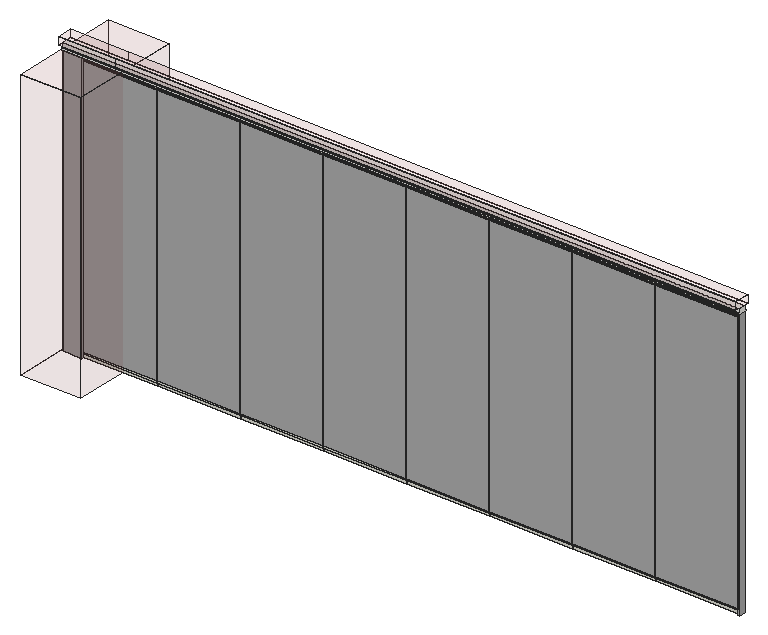
Revit family "Operable-Walls_Modernfold_Legacy-Premier_Paired-Panels_Expandable-Panel", category Specialty Equipment, Revit 2026
Family settings
  Round Connector Dimension = Use Diameter
  Part Type = Normal
  Classification Number = 23.25.40.17.14
  Work Plane-Based = No
  Enable Cutting in Views = No
  Always vertical = Yes
  Cut with Voids When Loaded = No
  Maintain Annotation Orientation = No
  Shared = No
  Room Calculation Point = No
Parameters (values of type "No Pocket Door")
  zWallJambVis [instance] = if([1.25 Inch Wall Jamb], 1 = 1, if(and(Bulb Seal, NotStack), 1 = 1, 1 = 0))  # yes
  zTypIII = not(zNoPckt)  # no
  zNoPckt = yes
  zHghtLmt [instance] = if(Ceiling Height > Ceiling Height Max, Ceiling Height Max, if(Ceiling Height < Ceiling Height Min, Ceiling Height Min, Ceiling Height))  # 12' - 0"
  URL = "https://www.modernfold.com/en-US"
  Trim Material = Trim Color - Modernfold-Sherwin Williams® - Natural Choice
  Track Trim Width [instance] = if(zHghtLmt > 15' 4 3/4", 0' 10 1/4", 0' 4 1/4")  # 0' - 4 1/4"
  Track Trim = 0' - 0 3/4"  # constant formula
  Track Material = Track Color - Modernfold - White
  Track Height [instance] = if(zHghtLmt > 15' 4 3/4", 0' 5 1/2", 0' 2")  # 0' - 2"
  Track Clearance Vis [instance] = yes
  Track Clearance Height [instance] = if(zHghtLmt > 15' 4 3/4", 0' 6 3/4", 0' 4 1/4")  # 0' - 4 1/4"
  StacksWPanel [instance] = and(Stack, Bulb Seal)  # no
  Stack Depth [instance] = (0' 3 3/4" * Number of Panels) + 0' 2"  # 2' - 8"
  Stack Clearance Vis [instance] = yes
  Stack [instance] = no
  Pocket Door Secondary Leaf Min [instance] = 1' - 6"  # constant formula
  Pocket Door Secondary Leaf Max [instance] = 4' - 0"  # constant formula
  Pocket Door Secondary Leaf [instance] = Pocket Door Primary Leaf  # 0' - 0"
  Pocket Door Primary Leaf [instance] = if(zNoPckt, 0' 0", (Clearance Width - 0' 9" - 0' 6" - 0' 1") / 2)  # 0' - 0"
  Pocket Door Clearance Vis [instance] = yes
  Plan View Warning [instance] = if(zNoPckt, or(Panel Width > Panel Width Max, Panel Width < Panel Width Min, Installation Width > Installation Width Max, Ceiling Height > Ceiling Height Max, Ceiling Height < Ceiling Height Min), or(Panel Width > Panel Width Max, Panel Width < Panel Width Min, Installation Width > Installation Width Max, Ceiling Height > Ceiling Height Max, Ceiling Height < Ceiling Height Min, Pocket Door Secondary Leaf > Pocket Door Secondary Leaf Max, Pocket Door Secondary Leaf < Pocket Door Secondary Leaf Min))  # no
  Panel Width [instance] = (Installation Width - Lead Condition Width - 0' 1 1/4" - 0' 4 3/4") / (Number of Panels)  # 3' - 8 3/32"
  Panel Thickness = 0' - 3"  # constant formula
  Panel Material = Wall Finish - Modernfold - Grey
  Additional Panels [instance] = 0
  Number of Panels [instance] = if(Additional Panels = 0, Min Panel Count Allowed, if((Min Panel Count Allowed + Additional Panels) > Max Panel Count Allowed, Min Panel Count Allowed, Min Panel Count Allowed + Additional Panels))  # 8
  NotStack [instance] = not(Stack)  # yes
  Model = "Acousti-Seal® Legacy® & Premier®"
  Min Panel Count Allowed [instance] = roundup((Installation Width - Lead Condition Width - 0' 6") / (Panel Width Max))  # 8
  Max Panel Count Allowed [instance] = rounddown((Installation Width - Lead Condition Width - 0' 6") / (Panel Width Min))  # 12
  Manufacturer = "Modernfold"  # constant formula
  Manual Seal [instance] = not(Auto. Seal)  # no
  Lead Condition Width [instance] = if(Bulb Seal, 0' 1 1/2", 0' 1 1/4")  # 0' - 1 1/4"
  Installation Width [instance] = 30' - 0"
  Panel Width Min [instance] = 2' - 4"  # constant formula
  Panel Width Max [instance] = 4' - 0"  # constant formula
  Description = "Legacy/Premier - Expandable Panel - Paired Panels - No Pocket Door"
  **Panel Count Available** [instance] = if((Min Panel Count Allowed + Additional Panels) > Max Panel Count Allowed, "Number of Panels does NOT fall within constraints listed. Panel count will default to minimum count allowed.", "Panel Count Available.")  # "Panel Count Available."
  Seal Width = 0' - 1 1/2"  # constant formula
  Panel Array Count [instance] = Number of Panels - 2  # 6
  Hinge Location [instance] = Panel Width + 0' 6"  # 4' - 2 3/32"
  Fabrication Height [instance] = zHghtLmt - Track Trim  # 11' - 11 1/4"
  Clearance Width [instance] = if(zNoPckt, ClearWidthInt * 0' 1", ClearWidthInt * 0' 1" + 0' 6")  # 4' - 11"
  Clearance Depth [instance] = if(zNoPckt, Stack Depth, Stack Depth + 0' 6")  # 2' - 8"
  ClearWidthInt [instance] = if(Auto. Seal, roundup((Panel Width + 1' 2") / 0' 1"), roundup((Panel Width + 0' 8") / 0' 1"))  # 59
  Ceiling Height [instance] = 12' - 0"
  Carrier Centers [instance] = 0' - 0"  # constant formula
  CSpacingInt [instance] = rounddown((Panel Width - 0' 8") / 0' 1")  # 36
  Bulb Seal [instance] = not([1.25 Inch Wall Jamb])  # no
  Carrier Spacing Max [instance] = 3' - 0"  # constant formula
  Installation Width Max [instance] = 80' - 2"  # constant formula
  Does not Stack with Panels [instance] = and(Stack, [1.25 Inch Wall Jamb])  # no
  Default Elevation = 0' - 0"
  Ceiling Height Min [instance] = 4' - 2"  # constant formula
  Ceiling Height Max [instance] = 18' - 4"  # constant formula
  Start Panel Width [instance] = Panel Width  # 3' - 8 3/32"
  Bottom Seal Height = 0' - 2"  # constant formula
  Auto. Seal [instance] = yes
  1.25 Inch Wall Jamb [instance] = yes
Types (2): name | zTypIII | zNoPckt | Pocket Door Secondary Leaf | Pocket Door Primary Leaf | Description | Clearance Width | Clearance Depth
  No Pocket Door | no | yes | 0' - 0" | 0' - 0" | "Legacy/Premier - Expandable Panel - Paired Panels - No Pocket Door" | 4' - 11" | 2' - 8"
  Pocket Door Type III | yes | no | 2' - 0 1/2" | 2' - 0 1/2" | "Legacy/Premier - Expandable Panel - Paired Panels - Pocket Door Type III" | 5' - 5" | 3' - 2"
Reference planes (in)
  plane 1 "Center (Front/Back)": y = 0
  plane 2: z = 0
  plane 3 "Left": x = -57.06482
  plane 4 "F": y = -29.5
  plane 5 "G": y = 29.5
  plane 6: x = -45.06482
  plane 7 "J&K": x = -25.06482
  plane 8: x = -6.97107
  plane 9: x = 37.12268
  plane 10: x = 302.93518
  plane 11: x = 301.68518
  plane 12: x = 37.12268
  plane 13: z = 144
  plane 14: z = 143.25
  plane 15: y = 0.75
  plane 16: y = -0.75
  plane 17: z = 2
  plane 18: z = 2.625
  plane 19: y = 1.5
  plane 20: y = -1.5
  plane 21: y = 2.125
  plane 22: y = -2.125
  plane 23: y = 1.5
  plane 24: y = -1.5
  plane 25: z = 146
  plane 26: z = 150.25
  plane 27: z = 142
  plane 28: z = 141.5
  plane 29: y = 4
  plane 30: y = -4
  plane 31: y = 1.80291
  plane 32: x = -55.81482
  plane 33: x = -25.06482
Forms (in)
  Sweep 1, solid, material "Track Color - Modernfold - White" <- "Track Material"
    path origin (0, 0, 0) x (1, 0, 0) y (0, 1, 0)
      loop
        line (302.93518, 0) -> (-57.06482, 0)
    profile origin (122.93518, 0, 0) x (0, -1, 0) y (0, 0, 1)
      loop
        line (-1.5, 144) -> (-2.125, 144) -> (-2.125, 143.25) -> (2.125, 143.25) -> (2.125, 144) -> (1.5, 144) -> (1.5, 146) -> (-1.5, 146) -> (-1.5, 144)
  Extrusion 2, solid, material "Clearance", visible <- "Stack Clearance Vis"
    sketch origin (0, 0, 0) x (1, 0, 0) y (0, 1, 0)
      loop
        line (-25.06482, 29.5) -> (-57.06482, 29.5) -> (-57.06482, -29.5) -> (-25.06482, -29.5) -> (-25.06482, 29.5)
    from 0 to 143.25
  Extrusion 3, solid, material "Clearance", visible <- "Track Clearance Vis"
    sketch origin (0, 0, 0) x (1, 0, 0) y (0, 1, 0)
      loop
        line (-26.02945, 4) -> (-57.06482, 4) -> (-57.06482, -4) -> (-26.49964, -4) -> (302.93518, -4) -> (302.93518, 4) -> (-26.02945, 4)
    from 146 to 150.25
Lines and regions (in)
  symbolic lines, style "Clearance", visible <- "Stack Clearance Vis"
    curve 1: line (-57.06482, -29.5, 0) -> (-25.06482, -29.5, 0)
    curve 2: line (-57.06482, 29.5, 0) -> (-57.06482, -29.5, 0)
    curve 3: line (-25.06482, -29.5, 0) -> (-25.06482, 29.5, 0)
    curve 4: line (-25.06482, 29.5, 0) -> (-57.06482, 29.5, 0)
  symbolic lines, style "Track Centerline"
    curve 5: line (302.93518, 0, 0) -> (-57.06482, 0, 0)
  symbolic lines, style "Clearance", visible <- "Track Clearance Vis"
    curve 6: line (-57.06482, -4, 0) -> (302.93518, -4, 0)
    curve 7: line (302.93518, -4, 0) -> (302.93518, 4, 0)
    curve 8: line (302.93518, 4, 0) -> (-57.06482, 4, 0)
    curve 18: line (-57.06482, 4, 0) -> (-57.06482, -4, 0)
  symbolic lines, style "Track outline"
    curve 9: line (-57.06482, 0, 146) -> (302.93518, 0, 146)
    curve 10: line (-57.06482, 0, 146) -> (-57.06482, 0, 143.25)
    curve 11: line (-25.06482, 0, 143.25) -> (-57.06482, 0, 143.25)
    curve 12: line (302.93518, 0, 146) -> (302.93518, 0, 143.25)
    curve 17: line (302.93518, 0, 144) -> (-57.06482, 0, 144)
  symbolic lines, style "Clearance"
    curve 13: line (-57.06482, 20.75, 144) -> (-57.06482, 20.75, 146)
    curve 14: line (-57.06482, -1.5, 146) -> (-57.06482, -1.5, 144)
    curve 15: line (-57.06482, -2.125, 143.25) -> (-57.06482, 21.625, 143.25)
    curve 16: line (-57.06482, 20.75, 146) -> (-57.06482, -1.5, 146)
Dimensions and locks (in)
  locked: plane 3 "Left" to plane 6 at 12
  "Clearance Depth": plane 3 "Left" to plane 7 "J&K"
  "Installation Width": plane 3 "Left" to plane 10
  "Hinge Location": plane 3 "Left" to plane 8
  "Panel Width": plane 8 to plane 9
  "Lead Condition Width": plane 11 to plane 10
  "zHghtLmt": plane 13 to level
  "Track Trim": plane 13 to plane 14
  plane 14 to level = 11' - 11 1/4"
  "Bottom Seal Height": plane 17 to level
  equal spacing: plane 15, plane 1 "Center (Front/Back)", plane 16
  "Seal Width": plane 15 to plane 16
  locked: plane 18 to plane 17 at 0.625
  equal spacing: plane 19, plane 1 "Center (Front/Back)", plane 20
  "Panel Thickness": plane 19 to plane 20
  equal spacing: plane 21, plane 1 "Center (Front/Back)", plane 22
  "Track Trim Width": plane 21 to plane 22
  equal spacing: plane 23, plane 1 "Center (Front/Back)", plane 24
  locked: plane 23 to plane 24 at 3
  plane 14 to plane 27 to plane 28 = 0' - 1 1/4" locked, 0' - 0 1/2" locked
  equal spacing: plane 29, plane 1 "Center (Front/Back)", plane 30
  locked: plane 29 to plane 30 at 8
  equal spacing: group 1, group 5, group 7, group 8, group 9, group 2  (x3)
  equal spacing: group 3, group 6, group 10, group 11, group 12, group 4  (x3)
  nested 8 to nested 9 to plane 1 "Center (Front/Back)" = 0' - 0", 1' - 10 3/64"
  locked: plane 3 "Left" to nested 8 at 4.75
  locked: plane 1 "Center (Front/Back)" to plane 31 at 1.80291
  locked: plane 3 "Left" to plane 32 at 1.25
  "Stack Depth": plane 3 "Left" to plane 33
  locked: nested 11 to plane 33 at 1.5
  Extrusion 3 sketch curve to Extrusion 3 sketch curve = 0' - 8"
  Extrusion 3 sketch curve to plane 1 "Center (Front/Back)" to Extrusion 3 sketch curve = 0' - 4", 0' - 4"
  equal spacing: plane 5 "G", plane 1 "Center (Front/Back)", plane 4 "F"
  "Clearance Width": plane 5 "G" to plane 4 "F"
  "Track Clearance Height": plane 26 to plane 25
  "Track Height": plane 25 to plane 13
  aligned and locked: plane 2 to level
  aligned and locked: Sweep 1 sketch curve to plane 1 "Center (Front/Back)"
  aligned and locked: Sweep 1 sketch curve to plane 23
  aligned and locked: plane 24 to Sweep 1 sketch curve
  aligned and locked: Sweep 1 sketch curve to plane 25
  aligned and locked: Sweep 1 sketch curve to plane 13  (x2)
  aligned and locked: Sweep 1 sketch curve to plane 14
  aligned and locked: Sweep 1 sketch curve to plane 21
  aligned and locked: Sweep 1 sketch curve to plane 22
  aligned and locked: plane 12 to nested 1
  aligned and locked: plane 1 "Center (Front/Back)" to nested 1
  aligned and locked: plane 11 to nested 2
  aligned and locked: plane 1 "Center (Front/Back)" to nested 2
  aligned and locked: plane 6 to nested 3
  aligned and locked: plane 1 "Center (Front/Back)" to nested 4
  aligned and locked: plane 11 to nested 4
  aligned and locked: plane 1 "Center (Front/Back)" to nested 5
  aligned and locked: plane 8 to nested 5
  aligned and locked: plane 8 to nested 6
  aligned and locked: plane 1 "Center (Front/Back)" to nested 6
  aligned and locked: plane 3 "Left" to nested 7
  aligned and locked: plane 1 "Center (Front/Back)" to nested 7
  aligned and locked: nested 3 to plane 1 "Center (Front/Back)"
  aligned and locked: nested 10 to plane 1 "Center (Front/Back)"
  aligned and locked: Extrusion 2 sketch curve to plane 3 "Left"
  aligned and locked: Extrusion 2 to level
  aligned and locked: plane 14 to Extrusion 2
  aligned and locked: curve 2 to Extrusion 2
  aligned and locked: Extrusion 2 sketch curve to plane 7 "J&K"
  aligned and locked: plane 3 "Left" to curve 5
  aligned and locked: plane 10 to curve 5
  aligned and locked: Extrusion 3 sketch curve to plane 10
  aligned and locked: Extrusion 2 to Extrusion 3 sketch curve
  aligned and locked: nested 9 to nested 8
  aligned and locked: nested 10 to nested 11
  aligned and locked: curve 11 to Extrusion 2
  aligned and locked: nested 10 to plane 33
  aligned and locked: nested 13 to plane 4 "F"
  aligned and locked: nested 13 to plane 7 "J&K"
  aligned and locked: plane 12 to plane 9
  aligned and locked: plane 1 "Center (Front/Back)" to nested 14
  aligned and locked: plane 32 to nested 14
  aligned and locked: plane 3 "Left" to Sweep 1 sketch curve
  aligned and locked: Extrusion 2 to plane 5 "G"
  aligned and locked: Extrusion 2 to plane 4 "F"
  aligned and locked: Extrusion 3 to plane 29
  aligned and locked: Extrusion 3 to plane 30
  aligned and locked: curve 6 to Extrusion 3
  aligned and locked: curve 8 to Extrusion 3
  aligned and locked: plane 26 to Extrusion 3
  aligned and locked: Extrusion 3 to plane 25
  aligned and locked: nested 8 to plane 1 "Center (Front/Back)"
  aligned and locked: curve 17 to Sweep 1
  aligned and locked: plane 10 to Sweep 1 sketch curve
  aligned and locked: curve 18 to plane 3 "Left"
Automatic sketch dimensions
  curve 13 to plane 13 = 0' - 0"
  curve 14 to plane 13 = 0' - 0"
  curve 15 to plane 22 = 0' - 0"
  curve 13 to curve 15 = 0' - 0 7/8"
  curve 14 to plane 24 = 0' - 0"
  plane 25 to curve 13 = 0' - 0"
  curve 15 to plane 14 = 0' - 0"
  curve 13 to plane 5 "G" = 0' - 8 3/4"
  Extrusion 3 sketch curve to plane 7 "J&K" = 0' - 1.43482"
  Extrusion 3 sketch curve to plane 7 "J&K" = 0' - 0.96463"
  Extrusion 2 sketch curve to plane 5 "G" = 0' - 0"
  plane 4 "F" to Extrusion 2 sketch curve = 0' - 0"
  curve 17 to plane 3 "Left" = 0' - 0"
  curve 11 to plane 7 "J&K" = 0' - 0"
  curve 12 to plane 10 = 0' - 0"
  curve 11 to plane 14 = 0' - 0"
  curve 12 to plane 14 = 0' - 0"
  curve 10 to plane 25 = 0' - 0"
  curve 4 to plane 5 "G" = 0' - 0"
  curve 4 to plane 7 "J&K" = 0' - 0"
  curve 1 to plane 4 "F" = 0' - 0"
  plane 30 to curve 7 = 0' - 0"
  plane 1 "Center (Front/Back)" to curve 5 = 0' - 0"
  plane 29 to curve 7 = 0' - 0"
Nested families (in)
  nested 1: "Panel" at (59.16955, 0, 0), visible <- "NotStack", type "Extended"
    with LEAD yes, Dash Width 0' - 6.97396", CarrierVis yes, Width 3' - 8 3/32"
  nested 2: "Panel" at (279.6383, 0, 0), visible <- "NotStack", type "Extended"
    with LEAD yes, Dash Width 0' - 6.97396", CarrierVis yes, Width 3' - 8 3/32"
  nested 3: "Panel" at (-45.06482, 0, 0) x (0, -1, 0) z (0, 0, 1), visible <- "Stack", type "Stack"
    with LEAD yes, Dash Width 0' - 6.97396", CarrierVis yes, Width 3' - 8 3/32"
  nested 4: "Jamb" at (301.68518, 0, 0), visible <- "zWallJambVis", Jamb <- "1.25 Inch Wall Jamb", Bulb Seal <- "Bulb Seal", type "Jamb"
    with Lead Condition Width 0' - 1 1/4", Jamb yes, BulbStack no, Bulb Seal no, Fabrication Height 11' - 11 1/4"
  nested 5: "Panel" at (15.0758, 0, 0), visible <- "NotStack", type "Extended"
    with LEAD no, Dash Width 0' - 6.97396", CarrierVis no, Width 3' - 8 3/32"
  nested 6: "Panel" at (-29.01795, 0, 0), visible <- "NotStack", type "StarterPanel Ext"
    with LEAD no, Dash Width 0' - 6.97396", CarrierVis no, Width 3' - 8 3/32"
  nested 7: "HingedJamb" at (-57.06482, 0, 0), type "HingedJamb"
    with Width 0' - 1 1/4"
  nested 8: "Panel" at (-52.31482, 0, 0) x (0, 1, 0) z (0, 0, 1), visible <- "Stack", type "StarterPanel Stack"
    with LEAD no, Dash Width 0' - 6.97396", CarrierVis no, Width 3' - 8 3/32"
  nested 9: "Panel" at (-48.31482, 0, 0) x (0, 1, 0) z (0, 0, 1), visible <- "Stack", type "Stack"
    with LEAD no, Dash Width 0' - 6.97396", CarrierVis no, Width 3' - 8 3/32"
  nested 10: "Panel" at (-26.56482, 0, 0) x (0, -1, 0) z (0, 0, 1), visible <- "Stack", type "Stack"
    with LEAD yes, Dash Width 0' - 6.97396", CarrierVis yes, Width 3' - 8 3/32"
  nested 11: "Jamb" at (-26.56482, -22.04688, 0) x (0, -1, 0) z (0, 0, 1), visible <- "StacksWPanel", type "Jamb"
    with Lead Condition Width 0' - 1 1/2", Jamb no, BulbStack yes, Bulb Seal no, Fabrication Height 11' - 11 1/4"
  nested 12: "Modernfold Warning" at (12.01728, -5.976, 0), visible <- "Plan View Warning", type "Modernfold Warning"
  nested 13: "Type-III" at (-26.56482, 34.5, 0) x (0, -1, 0) z (0, 0, 1), Pocket Door Clearance <- "Pocket Door Clearance Vis", Stack <- "Stack", visible <- "zTypIII", type "Type III"
    with Stack no, Right Leaf 1' - 9 1/2", Pocket Door Clearance yes, Middle Leaf 0' - 9", Meeting Jamb 0' - 3", Left Leaf 1' - 9 1/2", I_PD Leaf C 0' - 9", I_PD Leaf B 1' - 9 1/2", I_PD Leaf A 1' - 9 1/2", Hinged Jamb 0' - 3", Gap 0' - 1", Close yes, C.L. of Track 0' - 4 1/2", Ref G 2' - 6", Pocket Width 4' - 11"
  nested 14: "Panel nose" at (-55.81482, 0, 0), visible <- "NotStack", type "Panel nose"
    with Jamb yes, BulbStack yes, Bulb Seal no
  nested 15: "Panel" at (103.2633, 0, 0), visible <- "NotStack", type "Extended"
    with LEAD yes, Dash Width 0' - 6.97396", CarrierVis yes, Width 3' - 8 3/32"
  nested 16: "Panel" at (-41.36482, 0, 0) x (0, -1, 0) z (0, 0, 1), visible <- "Stack", type "Stack"
    with LEAD yes, Dash Width 0' - 6.97396", CarrierVis yes, Width 3' - 8 3/32"
  nested 17: "Panel" at (147.35705, 0, 0), visible <- "NotStack", type "Extended"
    with LEAD yes, Dash Width 0' - 6.97396", CarrierVis yes, Width 3' - 8 3/32"
  nested 18: "Panel" at (191.4508, 0, 0), visible <- "NotStack", type "Extended"
    with LEAD yes, Dash Width 0' - 6.97396", CarrierVis yes, Width 3' - 8 3/32"
  nested 19: "Panel" at (235.54455, 0, 0), visible <- "NotStack", type "Extended"
    with LEAD yes, Dash Width 0' - 6.97396", CarrierVis yes, Width 3' - 8 3/32"
  nested 20: "Panel" at (-37.66482, 0, 0) x (0, -1, 0) z (0, 0, 1), visible <- "Stack", type "Stack"
    with LEAD yes, Dash Width 0' - 6.97396", CarrierVis yes, Width 3' - 8 3/32"
  nested 21: "Panel" at (-33.96482, 0, 0) x (0, -1, 0) z (0, 0, 1), visible <- "Stack", type "Stack"
    with LEAD yes, Dash Width 0' - 6.97396", CarrierVis yes, Width 3' - 8 3/32"
  nested 22: "Panel" at (-30.26482, 0, 0) x (0, -1, 0) z (0, 0, 1), visible <- "Stack", type "Stack"
    with LEAD yes, Dash Width 0' - 6.97396", CarrierVis yes, Width 3' - 8 3/32"
Definition of nested family "Panel"
  Parameters (values of type "StarterPanel Stack")
    Width = 3' - 10.55"
    Vertical Trim Control = and(Show Panel, Vertical Trim)  # no
    Vertical Trim = no
    URL = ""
    Trim Thickness = 0' - 0 1/2"  # constant formula
    Top Sweep = 0' - 1 1/4"  # constant formula
    Stack Line = yes
    Show Panel Dash = not(Show Panel)  # yes
    Show Panel = no
    Panel Width Control = if(Vertical Trim, 0' 0 3/4", 0' 0")  # 0' - 0"
    Panel Thickness = 0' - 3"
    Manufacturer = ""
    Leaf = yes
    LEAD [instance] = yes
    Keynote = ""
    Height = 11' - 11 1/4"
    Finished Floor Thickness = 0' - 0"
    Finish Material Metal = none
    Finish Material Panel = none
    Default Elevation = 0' - 0"
    Dash Width [instance] = (Width - 0' 2 1/4") / 6  # 0' - 7.38333"
    CarrierVis [instance] = no
    Carrier Spacing = 0' - 0"
    Bottom Seal Height = 0' - 2"
  Types (4): name | Show Panel Dash | Show Panel | Leaf
    Extended | no | yes | no
    Stack | yes | no | no
    StarterPanel Stack | yes | no | yes
    StarterPanel Ext | no | yes | no
  Reference planes (in)
    plane 1 "Center (Front/Back)": y = 0
    plane 2: z = 0
    plane 3 "Bottom Panel": z = 0
    plane 4 "Top": z = 143.25
    plane 5 "Bottom Seal": z = 2
    plane 6 "Top Trim": z = 142
    plane 7 "Bottom Trim": z = 2.625
    plane 8 "Center (Left/Right)": x = 0
    plane 9 "Back": y = 1.5
    plane 10 "Front": y = -1.5
    plane 11 "Back Seal": y = 0.75
    plane 12 "Front Seal": y = -0.75
    plane 13: z = 141.5
    plane 14: x = -23.275
    plane 15: x = 23.275
    plane 16: x = -22.775
    plane 17: x = 22.775
    plane 18: x = 0
    plane 19: x = 0
    plane 20: x = -23.265
    plane 21: x = 23.265
  Forms (in)
    Extrusion 1, solid, material <- "Finish Material Metal", visible <- "Show Panel", detail levels fine
      sketch origin (-23.61111, 0, 0) x (0, 1, 0) y (0, 0, 1)
        loop
          line (-0.75, 2) -> (-0.75, 0) -> (0.75, 0) -> (0.75, 2) -> (1.5, 2) -> (1.5, 2.625) -> (-1.5, 2.625) -> (-1.5, 2) -> (-0.75, 2)
        loop
          line (1.5, 143.25) -> (-1.5, 143.25) -> (-1.5, 142) -> (1.5, 142) -> (1.5, 143.25)
      from 0.33611 to 46.88611
    Extrusion 2, solid, material <- "Finish Material Metal", visible <- "Show Panel", detail levels coarse+medium
      sketch origin (-23.61111, 0, 0) x (0, 1, 0) y (0, 0, 1)
        loop
          line (1.5, 0) -> (1.5, 2.625) -> (-1.5, 2.625) -> (-1.5, 0) -> (1.5, 0)
        loop
          line (1.5, 143.25) -> (-1.5, 143.25) -> (-1.5, 142) -> (1.5, 142) -> (1.5, 143.25)
      from 0.33611 to 46.88611
    Extrusion 3, solid, material <- "Finish Material Panel", visible <- "Show Panel"
      sketch origin (-0.00391, -1.5, 0) x (1, 0, 0) y (0, 0, 1)
        loop
          line (-23.26109, 141.5) -> (-23.26109, 2.625) -> (23.265, 2.625) -> (23.265, 141.5) -> (-23.26109, 141.5)
      from 0 to -3
    Extrusion 4, solid, material <- "Finish Material Metal", visible <- "Show Panel"
      sketch origin (0, 0, 0) x (0, 1, 0) y (0, 0, 1)
        loop
          line (1.5, 142) -> (-1.5, 142) -> (-1.5, 141.5) -> (1.5, 141.5) -> (1.5, 142)
      from -23.275 to 23.275
    Extrusion 5, solid, visible <- "Show Panel Dash"
      sketch origin (0, 0, 0) x (1, 0, 0) y (0, 1, 0)
        loop
          line (23.275, 1.5) -> (-23.275, 1.5) -> (-23.275, -1.5) -> (23.275, -1.5) -> (23.275, 1.5)
      from 0 to 143.25
    Extrusion 6, solid, visible <- "Leaf"
      sketch origin (0, 0, 0) x (1, 0, 0) y (0, 1, 0)
        loop
          line (-23.275, 1.5) -> (-18.275, 1.5) -> (-18.275, 2.125) -> (-25.025, 2.125) -> (-25.025, -2.125) -> (-18.275, -2.125) -> (-18.275, -1.5) -> (-23.275, -1.5) -> (-23.275, 1.5)
      from 0 to 143.25
  Lines and regions (in)
    Masking region 1, visible <- "Show Panel"
      outline origin (0, 0, 2) x (-1, 0, 0) y (0, -1, 0)
        loop
          line (-23.275, -1.5) -> (23.275, -1.5) -> (23.275, 1.5) -> (-23.275, 1.5) -> (-23.275, -1.5)
    symbolic lines, visible <- "CarrierVis", detail levels medium+fine
      curve 1: circle (0, 0, 0) r 0.6875 normal (0, 0, 1)
      curve 2: circle (0, 0, 0) r 0.6875 normal (0, 0, 1)
    symbolic lines, visible <- "Show Panel Dash"
      curve 3: line (-23.275, -1.5, 0) -> (23.275, -1.5, 0)
      curve 4: line (23.275, -1.5, 0) -> (23.275, 1.5, 0)
      curve 5: line (23.275, 1.5, 0) -> (-23.275, 1.5, 0)
      curve 6: line (-23.275, 1.5, 0) -> (-23.275, -1.5, 0)
    symbolic lines, visible <- "Leaf"
      curve 7: line (-18.275, 1.5, 0) -> (-18.275, 2.125, 0)
      curve 8: line (-18.275, 2.125, 0) -> (-25.025, 2.125, 0)
      curve 9: line (-25.025, 2.125, 0) -> (-25.025, -2.125, 0)
      curve 10: line (-25.025, -2.125, 0) -> (-18.275, -2.125, 0)
      curve 11: line (-18.275, -2.125, 0) -> (-18.275, -1.5, 0)
  Dimensions and locks (in)
    "Height": plane 4 "Top" to plane 3 "Bottom Panel"
    "Bottom Seal Height": plane 5 "Bottom Seal" to plane 3 "Bottom Panel"
    locked: plane 7 "Bottom Trim" to plane 5 "Bottom Seal" at 0.625
    "Panel Thickness": plane 10 "Front" to plane 9 "Back"
    "Finished Floor Thickness": plane 3 "Bottom Panel" to plane 2
    equal spacing: plane 10 "Front", plane 1 "Center (Front/Back)", plane 9 "Back"
    "Top Sweep": plane 4 "Top" to plane 6 "Top Trim"
    "Trim Thickness": plane 6 "Top Trim" to plane 13
    equal spacing: plane 15, plane 8 "Center (Left/Right)", plane 14
    "Width": plane 15 to plane 14
    locked: plane 16 to plane 14 at 0.5
    locked: plane 15 to plane 17 at 0.5
    equal spacing: plane 18, plane 8 "Center (Left/Right)", plane 19
    "Carrier Spacing": plane 18 to plane 19
    locked: plane 11 "Back Seal" to plane 12 "Front Seal" at 1.5
    equal spacing: plane 11 "Back Seal", plane 1 "Center (Front/Back)", plane 12 "Front Seal"
    locked: plane 20 to plane 14 at 0.01
    locked: plane 21 to plane 15 at 0.01
    aligned and locked: plane 2 to level
    aligned and locked: plane 5 "Bottom Seal" to Extrusion 1 sketch curve  (x2)
    aligned and locked: plane 3 "Bottom Panel" to Extrusion 1 sketch curve
    aligned and locked: plane 12 "Front Seal" to Extrusion 1 sketch curve
    aligned and locked: plane 11 "Back Seal" to Extrusion 1 sketch curve
    aligned and locked: plane 7 "Bottom Trim" to Extrusion 1 sketch curve
    aligned and locked: Extrusion 1 sketch curve to plane 4 "Top"
    aligned and locked: Extrusion 1 sketch curve to plane 6 "Top Trim"
    aligned and locked: Extrusion 1 sketch curve to plane 10 "Front"  (x2)
    aligned and locked: Extrusion 1 sketch curve to plane 9 "Back"  (x2)
    aligned and locked: Extrusion 2 sketch curve to plane 4 "Top"
    aligned and locked: Extrusion 2 sketch curve to plane 10 "Front"  (x2)
    aligned and locked: Extrusion 2 sketch curve to plane 9 "Back"  (x2)
    aligned and locked: Extrusion 2 sketch curve to plane 6 "Top Trim"
    aligned and locked: Extrusion 2 sketch curve to plane 7 "Bottom Trim"
    aligned and locked: Extrusion 2 sketch curve to plane 3 "Bottom Panel"
    aligned and locked: Masking region 1 sketch curve to plane 9 "Back"
    aligned and locked: Masking region 1 sketch curve to plane 10 "Front"
    aligned and locked: Extrusion 1 to plane 14
    aligned and locked: plane 15 to Extrusion 1
    aligned and locked: Extrusion 3 sketch curve to plane 13
    aligned and locked: Extrusion 3 sketch curve to plane 7 "Bottom Trim"
    aligned and locked: Extrusion 4 sketch curve to plane 9 "Back"
    aligned and locked: Extrusion 4 sketch curve to plane 10 "Front"
    aligned and locked: plane 6 "Top Trim" to Extrusion 4 sketch curve
    aligned and locked: plane 13 to Extrusion 4 sketch curve
    aligned and locked: plane 18 to curve 1
    aligned and locked: plane 1 "Center (Front/Back)" to curve 1
    aligned and locked: plane 1 "Center (Front/Back)" to curve 2
    aligned and locked: plane 15 to Extrusion 2
    aligned and locked: Extrusion 2 to plane 14
    aligned and locked: Masking region 1 to plane 14
    aligned and locked: plane 15 to Masking region 1
    aligned and locked: Extrusion 5 sketch curve to plane 9 "Back"
    aligned and locked: Extrusion 5 sketch curve to plane 10 "Front"
    aligned and locked: Extrusion 5 sketch curve to plane 14
    aligned and locked: Extrusion 5 sketch curve to plane 15
    aligned and locked: plane 4 "Top" to Extrusion 5
    aligned and locked: Extrusion 5 to level
    aligned and locked: Masking region 1 to curve 3
    aligned and locked: curve 4 to Masking region 1
    aligned and locked: curve 5 to Masking region 1
    aligned and locked: curve 6 to Masking region 1
    aligned and locked: Extrusion 4 to plane 14
    aligned and locked: plane 15 to Extrusion 4
    aligned and locked: Extrusion 3 to plane 20
    aligned and locked: plane 4 "Top" to Extrusion 6
  Automatic sketch dimensions
    plane 8 "Center (Left/Right)" to Masking region 1 sketch curve = 1' - 11.275"
    Masking region 1 sketch curve to plane 8 "Center (Left/Right)" = 1' - 11.275"
    plane 21 to Extrusion 3 sketch curve = 0' - 0 1/256"
    plane 14 to Extrusion 3 sketch curve = 0' - 0.01"
    plane 9 "Back" to Extrusion 6 sketch curve = 0' - 0"
    Extrusion 6 sketch curve to plane 14 = 0' - 0"
    plane 10 "Front" to Extrusion 6 sketch curve = 0' - 0"
    plane 10 "Front" to Extrusion 6 sketch curve = 0' - 0 5/8"
    Extrusion 6 sketch curve to plane 14 = 0' - 1 3/4"
    Extrusion 6 sketch curve to plane 9 "Back" = 0' - 0 5/8"
    plane 16 to Extrusion 6 sketch curve = 0' - 4 1/2"
    Extrusion 6 sketch curve to Extrusion 6 sketch curve = 0' - 0"
    curve 1 to curve 2 = 0' - 0"
    plane 9 "Back" to curve 6 = 0' - 0"
    curve 6 to plane 14 = 0' - 0"
    plane 10 "Front" to curve 11 = 0' - 0"
    curve 3 to plane 15 = 0' - 0"
    curve 8 to plane 9 "Back" = 0' - 0 5/8"
    curve 8 to plane 14 = 0' - 1 3/4"
    plane 10 "Front" to curve 11 = 0' - 0 5/8"
    plane 16 to curve 11 = 0' - 4 1/2"
    curve 7 to curve 11 = 0' - 0"
    radius of curve 1 = 0' - 0 11/16"
    radius of curve 2 = 0' - 0 11/16"
Definition of nested family "Jamb"
  Parameters (values of type "Jamb")
    Trim Material = none
    Panel Material = none
    Lead Condition Width [instance] = if(Jamb, 0' 1 1/4", 0' 1 1/2")  # 0' - 1 1/4"
    BulbStack [instance] = yes
    Bulb Seal [instance] = no
    Jamb [instance] = yes
    Fabrication Height = 11' - 11 7/8"
    Default Elevation = 0' - 0"
  Reference planes (in)
    plane 1 "Center (Front/Back)": y = 0
    plane 2: z = 0
    plane 3 "Center (Left/Right)": x = 0
    plane 4: x = 1.25
  Forms (in)
    Extrusion 1, solid, material <- "Panel Material", visible <- "Jamb"
      sketch origin (0.25, 0.65625, 0) x (1, 0, 0) y (0, 1, 0)
        loop
          line (-0.25, 0.84375) -> (-0.25, -2.15625) -> (1, -2.15625) -> (1, 0.84375) -> (-0.25, 0.84375)
      from 0 to 143.875 <- "Fabrication Height"
    Extrusion 2, solid, material <- "Trim Material", visible <- "Bulb Seal"
      sketch origin (0.25, 0.65625, 0) x (1, 0, 0) y (0, 1, 0)
        loop
          line (-0.25, 0.59375) -> (-0.25, -1.90625)
          arc (-0.25, -1.90625) -> (1, -0.65625) -> (-0.25, 0.59375) r 1.25
      from 0 to 143.875
    Extrusion 3, solid, visible <- "BulbStack"
      sketch origin (0, 0, 0) x (1, 0, 0) y (0, 1, 0)
        loop
          arc (0, -1.25) -> (1.25, 0) -> (0, 1.25) r 1.25
          line (0, 1.25) -> (0, -1.25)
      from 0 to 143.875
  Lines and regions (in)
    Masking region 1, visible <- "Jamb"
      outline origin (0, 0, 0) x (1, 0, 0) y (0, 1, 0)
        loop
          line (1.25, 1.5) -> (0, 1.5) -> (0, -1.5) -> (1.25, -1.5) -> (1.25, 1.5)
    Masking region 2, visible <- "Bulb Seal"
      outline origin (0, 0, 0) x (1, 0, 0) y (0, 1, 0)
        loop
          line (0, 1.25) -> (0, -1.25)
          arc (0, -1.25) -> (1.25, 0) -> (0, 1.25) r 1.25
    model lines, visible <- "BulbStack"
      curve 1: line (0, 1.25, 0) -> (0, -1.25, 0)
      curve 2: arc (0, -1.25, 0) -> (1.25, 0, 0) -> (0, 1.25, 0) r 1.25
    symbolic lines, visible <- "BulbStack"
      curve 3: arc (0, -1.25, 0) -> (1.25, 0, 0) -> (0, 1.25, 0) r 1.25
      curve 4: line (0, 1.25, 0) -> (0, -1.25, 0)
  Dimensions and locks (in)
    "Lead Condition Width": plane 3 "Center (Left/Right)" to plane 4
    "Lead Condition Width": radius of Extrusion 2 sketch curve
    aligned and locked: plane 2 to level
    aligned and locked: Extrusion 1 to Extrusion 2
    aligned and locked: Masking region 1 sketch curve to Extrusion 1  (x3)
    aligned and locked: Masking region 1 sketch curve to Extrusion 2
    aligned and locked: Masking region 2 sketch curve to Extrusion 2  (x2)
    aligned and locked: Extrusion 3 sketch curve to Extrusion 2  (x2)
    aligned and locked: Extrusion 3 to level
    aligned and locked: Extrusion 3 to Extrusion 1
    aligned and locked: curve 1 to Extrusion 3
    aligned and locked: curve 2 to Extrusion 3
    aligned and locked: curve 3 to Extrusion 3
    aligned and locked: curve 4 to Extrusion 3
  Automatic sketch dimensions
    Extrusion 1 sketch curve to plane 3 "Center (Left/Right)" = 0' - 0"
    Extrusion 1 sketch curve to plane 4 = 0' - 0"
    plane 1 "Center (Front/Back)" to Extrusion 1 sketch curve = 0' - 1 1/2"
    Extrusion 1 sketch curve to plane 1 "Center (Front/Back)" = 0' - 1 1/2"
    Extrusion 2 sketch curve to plane 3 "Center (Left/Right)" = 0' - 0"
    plane 1 "Center (Front/Back)" to Extrusion 2 sketch curve = 0' - 0"
Definition of nested family "HingedJamb"
  Parameters (values of type "HingedJamb")
    Panel Material = none
    Width [instance] = 0' - 1 1/4"  # constant formula
    Fabrication Height = 11' - 11 1/4"
    Default Elevation = 0' - 0"
  Reference planes (in)
    plane 1 "Center (Front/Back)": y = 0
    plane 2: z = 0
    plane 3 "Center (Left/Right)": x = 0
    plane 4: x = 1.25
  Forms (in)
    Extrusion 1, solid, material <- "Panel Material"
      sketch origin (0.25, 0.65625, 0) x (1, 0, 0) y (0, 1, 0)
        loop
          line (-0.25, 0.84375) -> (-0.25, -2.15625) -> (1, -2.15625) -> (1, 0.84375) -> (-0.25, 0.84375)
      from 0 to 143.25 <- "Fabrication Height"
  Lines and regions (in)
    Masking region 1
      outline origin (0, 0, 0) x (1, 0, 0) y (0, 1, 0)
        loop
          line (1.25, 1.5) -> (0, 1.5) -> (0, -1.5) -> (1.25, -1.5) -> (1.25, 1.5)
  Dimensions and locks (in)
    "Width": plane 3 "Center (Left/Right)" to plane 4
    aligned and locked: plane 2 to level
    aligned and locked: Masking region 1 sketch curve to Extrusion 1  (x3)
  Automatic sketch dimensions
    Extrusion 1 sketch curve to plane 3 "Center (Left/Right)" = 0' - 0"
    Extrusion 1 sketch curve to plane 4 = 0' - 0"
    plane 1 "Center (Front/Back)" to Extrusion 1 sketch curve = 0' - 1 1/2"
    Extrusion 1 sketch curve to plane 1 "Center (Front/Back)" = 0' - 1 1/2"
    Masking region 1 sketch curve to plane 3 "Center (Left/Right)" = 0' - 0"
Definition of nested family "Type-III"
  Parameters (values of type "Type IV B")
    URL = "www.modernfold.com"
    Trim Color = none
    Top Seal Height = 0' - 0"  # constant formula
    Wall Finish = none
    Stack [instance] = no
    Right Leaf [instance] = Left Leaf  # 1' - 11 1/2"
    Ref G [instance] = 2' - 8"
    Product data url = ""
    Product Guid = ""
    Pocket Width = 5' - 3"
    Pocket Door Clearance [instance] = yes
    Model = "ACOUSTI-SEAL-TYPE III POCKET DOOR"
    Middle Leaf [instance] = 0' - 9"  # constant formula
    Meeting Jamb [instance] = 0' - 3"  # constant formula
    Manufacturer = "Modernfold"  # constant formula
    Left Leaf [instance] = (Pocket Width - Meeting Jamb - Hinged Jamb - 0' 1" - 0' 9") / 2  # 1' - 11 1/2"
    I_PD Leaf C [instance] = Middle Leaf  # 0' - 9"
    I_PD Leaf B [instance] = Right Leaf  # 1' - 11 1/2"
    I_PD Leaf A [instance] = Left Leaf  # 1' - 11 1/2"
    Hinged Jamb [instance] = 0' - 3"  # constant formula
    Gap [instance] = 0' - 1"  # constant formula
    Fabrication Height = 11' - 11 1/4"
    Description = ""
    Default Elevation = 0' - 0"
    Close [instance] = not(Stack)  # yes
    Clearance = none
    C.L. of Track [instance] = 0' - 4 1/2"
    Bottom Seal Height = 0' - 0"  # constant formula
    Assembly Code = ""
  Reference planes (in)
    plane 1: z = 0
    plane 2 "Left": x = 5
    plane 3: x = 68
    plane 4: z = 143.25
    plane 5: z = 143.25
    plane 6 "Panel Edge": y = 1.5
    plane 7: z = 0
    plane 8: y = 1.5
    plane 9: x = 65
    plane 10: x = 8
    plane 11: y = -1.5
    plane 12: x = 31.5
    plane 13: x = 40.5
    plane 14: x = 36
    plane 15: x = 41.5
    plane 16: x = 41.5
    plane 17: x = 22.5
    plane 18: x = 88.5
    plane 19: y = 2
  Forms (in)
    Extrusion 1, solid, material <- "Wall Finish"
      sketch origin (-7.86646, -21.61293, 0) x (1, 0, 0) y (0, 1, 0)
        loop
          arc (15.95832, 23.11293) -> (15.89337, 23.08603) -> (15.86646, 23.02107) r 0.09186
          line (15.86646, 23.02107) -> (15.86646, 20.20479)
          arc (15.86646, 20.20479) -> (15.89337, 20.13984) -> (15.95832, 20.11293) r 0.09186
          line (15.95832, 20.11293) -> (39.2746, 20.11293)
          arc (39.2746, 20.11293) -> (39.33956, 20.13984) -> (39.36646, 20.20479) r 0.09186
          line (39.36646, 20.20479) -> (39.36646, 23.02107)
          arc (39.36646, 23.02107) -> (39.33956, 23.08603) -> (39.2746, 23.11293) r 0.09186
          line (39.2746, 23.11293) -> (15.95832, 23.11293)
      from 0 to 143.25
    Extrusion 2, solid, material <- "Wall Finish"
      sketch origin (-39.81601, -9.98425, 0) x (1, 0, 0) y (0, 1, 0)
        loop
          arc (44.90787, 11.48425) -> (44.84292, 11.45734) -> (44.81601, 11.39239) r 0.09186
          line (44.81601, 11.39239) -> (44.81601, 8.5761)
          arc (44.81601, 8.5761) -> (44.84292, 8.51115) -> (44.90787, 8.48425) r 0.09186
          line (44.90787, 8.48425) -> (47.72415, 8.48425)
          arc (47.72415, 8.48425) -> (47.78911, 8.51115) -> (47.81601, 8.5761) r 0.09186
          line (47.81601, 8.5761) -> (47.81601, 11.39239)
          arc (47.81601, 11.39239) -> (47.78911, 11.45734) -> (47.72415, 11.48425) r 0.09186
          line (47.72415, 11.48425) -> (44.90787, 11.48425)
      from 0 to 143.25
    Extrusion 3, solid, material <- "Wall Finish"
      sketch origin (17.29977, -9.33854, 0) x (1, 0, 0) y (0, 1, 0)
        loop
          arc (47.79209, 10.83854) -> (47.72713, 10.81163) -> (47.70023, 10.74668) r 0.09186
          line (47.70023, 10.74668) -> (47.70023, 7.9304)
          arc (47.70023, 7.9304) -> (47.72713, 7.86544) -> (47.79209, 7.83854) r 0.09186
          line (47.79209, 7.83854) -> (50.60837, 7.83854)
          arc (50.60837, 7.83854) -> (50.67333, 7.86544) -> (50.70023, 7.9304) r 0.09186
          line (50.70023, 7.9304) -> (50.70023, 10.74668)
          arc (50.70023, 10.74668) -> (50.67333, 10.81163) -> (50.60837, 10.83854) r 0.09186
          line (50.60837, 10.83854) -> (47.79209, 10.83854)
      from 0 to 143.25
    Extrusion 4, solid, material <- "Wall Finish", visible <- "Stack"
      sketch origin (8.04048, -36.44639, 0) x (1, 0, 0) y (0, 1, 0)
        loop
          arc (23.55138, 37.94639) -> (23.48643, 37.91949) -> (23.45952, 37.85454) r 0.09186
          line (23.45952, 37.85454) -> (23.45952, 35.03825)
          arc (23.45952, 35.03825) -> (23.48643, 34.9733) -> (23.55138, 34.94639) r 0.09186
          line (23.55138, 34.94639) -> (32.36766, 34.94639)
          arc (32.36766, 34.94639) -> (32.43262, 34.9733) -> (32.45952, 35.03825) r 0.09186
          line (32.45952, 35.03825) -> (32.45952, 37.85454)
          arc (32.45952, 37.85454) -> (32.43262, 37.91949) -> (32.36766, 37.94639) r 0.09186
          line (32.36766, 37.94639) -> (23.55138, 37.94639)
      from 0 to 143.25
    Extrusion 5, solid, material <- "Trim Color", visible <- "Stack"
      sketch origin (5.44978, 3.3991, 0) x (1, 0, 0) y (0, 1, 0)
        loop
          line (35.17522, -1.8991) -> (35.05022, -1.8991) -> (35.05022, -5.0241) -> (36.05022, -5.0241) -> (36.05022, -4.8991) -> (35.17522, -4.8991) -> (35.17522, -1.8991)
      from 0 to 143.25
    Extrusion 6, solid, material <- "Trim Color"
      sketch origin (87.42522, -3.3991, 0) x (-1, 0, 0) y (0, -1, 0)
        loop
          line (46.05022, -1.8991) -> (45.92522, -1.8991) -> (45.92522, -5.0241) -> (46.92522, -5.0241) -> (46.92522, -4.8991) -> (46.05022, -4.8991) -> (46.05022, -1.8991)
      from 0 to 143.25
    Extrusion 7, solid, material <- "Wall Finish", visible <- "Close"
      sketch origin (57.95952, 32.44639, 0) x (-1, 0, 0) y (0, -1, 0)
        loop
          arc (26.55138, 37.94639) -> (26.48643, 37.91949) -> (26.45952, 37.85454) r 0.09186
          line (26.45952, 37.85454) -> (26.45952, 35.03825)
          arc (26.45952, 35.03825) -> (26.48643, 34.9733) -> (26.55138, 34.94639) r 0.09186
          line (26.55138, 34.94639) -> (35.36766, 34.94639)
          arc (35.36766, 34.94639) -> (35.43262, 34.9733) -> (35.45952, 35.03825) r 0.09186
          line (35.45952, 35.03825) -> (35.45952, 37.94639) -> (26.55138, 37.94639)
      from 0 to 143.25
    Extrusion 8, solid, material <- "Trim Color", visible <- "Close"
      sketch origin (67.55022, -7.3991, 0) x (-1, 0, 0) y (0, -1, 0)
        loop
          line (45.17522, -1.8991) -> (45.05022, -1.8991) -> (45.05022, -5.0241) -> (46.11272, -5.0241) -> (46.11272, -4.8991) -> (45.17522, -4.8991) -> (45.17522, -1.8991)
      from 0 to 143.25
    Extrusion 9, solid, material <- "Clearance", visible <- "Pocket Door Clearance"
      sketch origin (0, 0, 0) x (1, 0, 0) y (0, 1, 0)
        loop
          line (-15.5, 5.5) -> (-15.5, 2.5) -> (8, 2.5) -> (8, 5.5) -> (-15.5, 5.5)
        loop
          line (-15.5, 9.5) -> (-15.5, 6.5) -> (-6.5, 6.5) -> (-6.5, 9.5) -> (-15.5, 9.5)
      from 0 to 143.25
    Extrusion 10, solid, material <- "Wall Finish"
      sketch origin (17.95377, -13.71889, 0) x (1, 0, 0) y (0, 1, 0)
        loop
          arc (23.63809, 15.21889) -> (23.57314, 15.19199) -> (23.54623, 15.12704) r 0.09186
          line (23.54623, 15.12704) -> (23.54623, 12.31075)
          arc (23.54623, 12.31075) -> (23.57314, 12.2458) -> (23.63809, 12.21889) r 0.09186
          line (23.63809, 12.21889) -> (46.95438, 12.21889)
          arc (46.95438, 12.21889) -> (47.01933, 12.2458) -> (47.04623, 12.31075) r 0.09186
          line (47.04623, 12.31075) -> (47.04623, 15.12704)
          arc (47.04623, 15.12704) -> (47.01933, 15.19199) -> (46.95438, 15.21889) r 0.09186
          line (46.95438, 15.21889) -> (23.63809, 15.21889)
      from 0 to 143.25
    Extrusion 11, solid, material <- "Clearance", visible <- "Pocket Door Clearance"
      sketch origin (68, 0, 0) x (-1, 0, 0) y (0, -1, 0)
        loop
          line (-20.5, -5.5) -> (3, -5.5) -> (3, -2.5) -> (-20.5, -2.5) -> (-20.5, -5.5)
      from 0 to 143.25
  Lines and regions (in)
    Masking region 1
      outline origin (0, 0, 0) x (1, 0, 0) y (0, 1, 0)
        loop
          line (65, 1.5) -> (65, -1.5) -> (68, -1.5) -> (68, 1.5) -> (65, 1.5)
    Masking region 2, visible <- "Close"
      outline origin (0, 0, 0) x (1, 0, 0) y (0, 1, 0)
        loop
          line (22.5, -2.5) -> (22.5, -5.5) -> (31.5, -5.5) -> (31.5, -2.5) -> (22.5, -2.5)
    Masking region 3
      outline origin (0, 0, 0) x (1, 0, 0) y (0, 1, 0)
        loop
          line (5, 1.5) -> (5, -1.5) -> (31.5, -1.5) -> (31.5, 1.5) -> (5, 1.5)
    Masking region 4, visible <- "Stack"
      outline origin (0, 0, 0) x (1, 0, 0) y (0, 1, 0)
        loop
          line (31.5, 1.5) -> (31.5, -1.5) -> (40.5, -1.5) -> (40.5, 1.5) -> (31.5, 1.5)
    Masking region 5, visible <- "Close", detail levels fine
      outline origin (11.5625, 0, 0) x (1, 0, 0) y (0, 1, 0)
        loop
          line (9.875, -2.5) -> (10.8125, -2.5) -> (10.8125, -5.5) -> (10.9375, -5.5) -> (10.9375, -2.375) -> (9.875, -2.375) -> (9.875, -2.5)
    Masking region 6, detail levels fine
      outline origin (-19.875, 0, 0) x (1, 0, 0) y (0, 1, 0)
        loop
          line (61.375, 1.625) -> (60.375, 1.625) -> (60.375, 1.5) -> (61.25, 1.5) -> (61.25, -1.5) -> (61.375, -1.5) -> (61.375, 1.625)
    Masking region 7, visible <- "Stack", detail levels fine
      outline origin (0, 0, 0) x (1, 0, 0) y (0, 1, 0)
        loop
          line (40.625, -1.5) -> (40.625, 1.5) -> (40.5, 1.5) -> (40.5, -1.625) -> (41.5, -1.625) -> (41.5, -1.5) -> (40.625, -1.5)
    Masking region 8
      outline origin (0, 0, 0) x (1, 0, 0) y (0, 1, 0)
        loop
          line (41.5, 1.5) -> (41.5, -1.5) -> (65, -1.5) -> (65, 1.5) -> (41.5, 1.5)
    symbolic lines, visible <- "Pocket Door Clearance"
      curve 1: line (8, 2.5, 0) -> (-15.5, 2.5, 0)
      curve 2: line (-15.5, 2.5, 0) -> (-15.5, 5.5, 0)
      curve 3: line (-15.5, 5.5, 0) -> (8, 5.5, 0)
      curve 4: line (8, 5.5, 0) -> (8, 2.5, 0)
      curve 6: line (-6.5, 6.5, 0) -> (-15.5, 6.5, 0)
      curve 7: line (-15.5, 6.5, 0) -> (-15.5, 9.5, 0)
      curve 8: line (-15.5, 9.5, 0) -> (-6.5, 9.5, 0)
      curve 9: line (-6.5, 9.5, 0) -> (-6.5, 6.5, 0)
      curve 13: arc (31.5, 2.5, 0) -> (8, 26, 0) -> (-15.5, 2.5, 0) r 23.5
      curve 15: line (65, 2.5, 0) -> (88.5, 2.5, 0)
      curve 16: line (88.5, 2.5, 0) -> (88.5, 5.5, 0)
      curve 17: line (88.5, 5.5, 0) -> (65, 5.5, 0)
      curve 18: line (65, 5.5, 0) -> (65, 2.5, 0)
      curve 19: arc (41.5, 2.5, 0) -> (65, 26, 0) -> (88.5, 2.5, 0) r 23.5
    symbolic lines, detail levels medium+fine
      curve 5: circle (31.5, -2, 0) r 0.5 normal (0, 0, -1)
      curve 11: circle (8, 2, 0) r 0.5 normal (0, 0, -1)
      curve 14: circle (65, 2, 0) r 0.5 normal (0, 0, 1)
    symbolic lines, visible <- "Pocket Door Clearance", detail levels medium+fine
      curve 10: circle (-15.5, 6, 0) r 0.5 normal (0, 0, -1)
    symbolic lines
      curve 12: line (8, 1.5, 0) -> (8, -1.5, 0)
  Dimensions and locks (in)
    "Pocket Width": plane 2 "Left" to plane 3
    "Fabrication Height": plane 4 to level
    "Top Seal Height": plane 4 to plane 5
    "Bottom Seal Height": plane 7 to plane 1
    Extrusion 1 sketch curve to Extrusion 1 sketch curve = 0' - 3"
    "Hinged Jamb": plane 2 "Left" to plane 10
    locked: plane 11 to plane 8 at 3
    Extrusion 2 sketch curve to Extrusion 2 sketch curve = 0' - 3"
    Extrusion 3 sketch curve to Extrusion 3 sketch curve = 0' - 3"
    "I_PD Leaf A": plane 10 to plane 12
    plane 11 to plane 8 = 0' - 3"
    locked: plane 8 to curve 1 at 1
    locked: curve 3 to curve 1 at 3
    "I_PD Leaf A": curve 2 to plane 10
    Extrusion 4 sketch curve to Extrusion 4 sketch curve = 0' - 3"
    "I_PD Leaf C": plane 12 to plane 13
    locked: curve 5 to plane 12
    locked: curve 8 to curve 6 at 3
    locked: curve 6 to curve 3 at 1
    "I_PD Leaf C": curve 7 to curve 9
    locked: curve 7 to curve 10
    equal spacing: curve 3, curve 10, curve 6
    "C.L. of Track": plane 12 to plane 14
    "Ref G": plane 14 to plane 3
    locked: Extrusion 5 sketch curve to Extrusion 5 sketch curve at 0.125
    locked: Extrusion 6 sketch curve to Extrusion 6 sketch curve at 0.125  (x2)
    Extrusion 7 sketch curve to Extrusion 7 sketch curve = 0' - 3"
    Extrusion 7 to Extrusion 7 to plane 11 = 0' - 3" locked, 0' - 1" locked
    locked: Extrusion 8 sketch curve to Extrusion 8 sketch curve at 0.125  (x2)
    plane 8 to curve 11 = 0' - 0 1/2"
    locked: plane 10 to curve 11
    Extrusion 7 to Extrusion 7 = 0' - 3"
    "I_PD Leaf C": Masking region 2 sketch curve to plane 12
    plane 11 to Masking region 2 sketch curve to Masking region 2 sketch curve = 0' - 1" locked, 0' - 3" locked
    Extrusion 10 sketch curve to Extrusion 10 sketch curve = 0' - 3"
    "Meeting Jamb": plane 9 to plane 3
    Extrusion 6 sketch curve to Extrusion 6 sketch curve = 0' - 1"
    locked: plane 13 to plane 16 at 1
    "I_PD Leaf C": plane 17 to plane 12
    locked: Extrusion 8 to Extrusion 8 at 1.0625
    locked: Extrusion 8 sketch curve to Extrusion 8 sketch curve at 1.0625
    locked: curve 17 to curve 15 at 3
    "I_PD Leaf B": plane 9 to plane 18
    aligned and locked: Extrusion 2 to plane 8
    aligned and locked: Extrusion 2 to plane 11
    aligned and locked: Extrusion 2 to plane 10
    aligned and locked: Extrusion 2 to plane 2 "Left"
    aligned and locked: Extrusion 3 to plane 8
    aligned and locked: Extrusion 3 to plane 11
    aligned and locked: plane 9 to Extrusion 3
    aligned and locked: Extrusion 3 to plane 3
    aligned and locked: Extrusion 1 to plane 12
    aligned and locked: plane 10 to Extrusion 1
    aligned and locked: Extrusion 1 to plane 8
    aligned and locked: Extrusion 1 to plane 11
    aligned and locked: Extrusion 4 to plane 13
    aligned and locked: plane 12 to Extrusion 4
    aligned and locked: Extrusion 4 to plane 8
    aligned and locked: Extrusion 4 to plane 11
    aligned and locked: curve 2 to curve 7
    aligned and locked: Extrusion 7 to plane 12  (x2)
    aligned and locked: plane 13 to Extrusion 5
    aligned and locked: curve 4 to plane 10
    aligned and locked: plane 5 to Extrusion 3
    aligned and locked: plane 5 to Extrusion 4
    aligned and locked: plane 5 to Extrusion 7
    aligned and locked: plane 5 to Extrusion 1
    aligned and locked: plane 5 to Extrusion 8
    aligned and locked: plane 5 to Extrusion 2
    aligned and locked: plane 5 to Extrusion 6
    aligned and locked: plane 5 to Extrusion 5
    aligned and locked: Extrusion 3 to plane 7
    aligned and locked: Extrusion 4 to plane 7
    aligned and locked: Extrusion 6 to plane 7
    aligned and locked: Extrusion 5 to plane 7
    aligned and locked: Extrusion 7 to plane 7
    aligned and locked: Extrusion 1 to plane 7
    aligned and locked: Extrusion 2 to plane 7
    aligned and locked: Extrusion 8 to plane 7
    aligned and locked: plane 3 to Masking region 1 sketch curve
    aligned and locked: Masking region 1 sketch curve to plane 11
    aligned and locked: Masking region 1 sketch curve to plane 9
    aligned and locked: plane 8 to Masking region 1 sketch curve
    aligned and locked: plane 12 to Masking region 2 sketch curve
    aligned and locked: plane 11 to Masking region 3 sketch curve
    aligned and locked: plane 8 to Masking region 3 sketch curve
    aligned and locked: plane 2 "Left" to Masking region 3 sketch curve
    aligned and locked: plane 13 to Masking region 4 sketch curve
    aligned and locked: Masking region 4 sketch curve to plane 12
    aligned and locked: plane 11 to Masking region 4 sketch curve
    aligned and locked: plane 8 to Masking region 4 sketch curve
    aligned and locked: plane 12 to Masking region 3 sketch curve
    aligned and locked: plane 11 to curve 12
    aligned and locked: plane 10 to curve 12
    aligned and locked: Extrusion 9 sketch curve to curve 3
    aligned and locked: Extrusion 9 sketch curve to curve 4
    aligned and locked: Extrusion 9 sketch curve to curve 1
    aligned and locked: Extrusion 9 sketch curve to curve 2
    aligned and locked: Extrusion 9 sketch curve to curve 8
    aligned and locked: Extrusion 9 sketch curve to curve 9
    aligned and locked: Extrusion 9 sketch curve to curve 6
    aligned and locked: Extrusion 9 sketch curve to curve 7
    aligned and locked: plane 5 to Extrusion 9
    aligned and locked: Extrusion 9 to level
    aligned and locked: Masking region 5 sketch curve to Extrusion 8  (x2)
    aligned and locked: Extrusion 8 to Masking region 5 sketch curve
    aligned and locked: Extrusion 6 to Masking region 6 sketch curve
    aligned and locked: Masking region 6 sketch curve to Extrusion 6  (x2)
    aligned and locked: Masking region 7 sketch curve to Extrusion 5  (x6)
    aligned and locked: Extrusion 10 to plane 11
    aligned and locked: Extrusion 10 to plane 8
    aligned and locked: Extrusion 10 to plane 15
    aligned and locked: plane 15 to Extrusion 6
    aligned and locked: plane 15 to Masking region 6
    aligned and locked: Masking region 6 to Extrusion 6  (x2)
    aligned and locked: plane 8 to Masking region 8 sketch curve
    aligned and locked: plane 11 to Masking region 8 sketch curve
    aligned and locked: plane 15 to Masking region 8 sketch curve
    aligned and locked: plane 9 to Masking region 8 sketch curve
    aligned and locked: plane 15 to Extrusion 5
    aligned and locked: plane 15 to plane 16
    aligned and locked: plane 13 to Extrusion 6
    aligned and locked: plane 17 to Extrusion 7 sketch curve
    aligned and locked: plane 17 to Extrusion 8 sketch curve
    aligned and locked: plane 17 to Masking region 5
    aligned and locked: Masking region 5 to Extrusion 8  (x2)
    aligned and locked: plane 5 to Extrusion 10
    aligned and locked: curve 18 to plane 9
    aligned and locked: Extrusion 11 to plane 9
    aligned and locked: plane 18 to curve 16
    aligned and locked: plane 18 to Extrusion 11
    aligned and locked: plane 5 to Extrusion 11
  Automatic sketch dimensions
    Extrusion 1 sketch curve to plane 10 = 0' - 0"
    plane 6 "Panel Edge" to Extrusion 1 sketch curve = 0' - 0"
    Extrusion 1 sketch curve to plane 11 = 0' - 0"
    Extrusion 1 sketch curve to plane 12 = 0' - 0"
    Extrusion 1 sketch curve to plane 10 = 0' - 0.09186"
    Extrusion 1 sketch curve to Extrusion 1 sketch curve = 0' - 0.09186"
    plane 11 to Extrusion 1 sketch curve = 0' - 0.09186"
    plane 12 to Extrusion 1 sketch curve = 0' - 0.09186"
    Extrusion 2 sketch curve to plane 2 "Left" = 0' - 0"
    plane 6 "Panel Edge" to Extrusion 2 sketch curve = 0' - 0"
    Extrusion 2 sketch curve to plane 11 = 0' - 0"
    Extrusion 2 sketch curve to plane 10 = 0' - 0"
    plane 2 "Left" to Extrusion 2 sketch curve = 0' - 0.09186"  (x2)
    Extrusion 2 sketch curve to Extrusion 2 sketch curve = 0' - 0.09186"
    plane 10 to Extrusion 2 sketch curve = 0' - 0.09186"
    Extrusion 3 sketch curve to plane 9 = 0' - 0"
    plane 6 "Panel Edge" to Extrusion 3 sketch curve = 0' - 0"
    Extrusion 3 sketch curve to plane 11 = 0' - 0"
    Extrusion 3 sketch curve to plane 3 = 0' - 0"
    Extrusion 3 sketch curve to plane 9 = 0' - 0.09186"  (x2)
    Extrusion 3 sketch curve to Extrusion 3 sketch curve = 0' - 0.09186"
    plane 3 to Extrusion 3 sketch curve = 0' - 0.09186"
    Extrusion 4 sketch curve to plane 12 = 0' - 0"
    plane 6 "Panel Edge" to Extrusion 4 sketch curve = 0' - 0"
    Extrusion 4 sketch curve to plane 11 = 0' - 0"
    Extrusion 4 sketch curve to plane 13 = 0' - 0"
    Extrusion 4 sketch curve to plane 12 = 0' - 0.09186"
    Extrusion 4 sketch curve to Extrusion 4 sketch curve = 0' - 0.09186"  (x2)
    plane 13 to Extrusion 4 sketch curve = 0' - 0.09186"
    Extrusion 5 sketch curve to plane 13 = 0' - 0"
    Extrusion 5 sketch curve to plane 11 = 0' - 0"
    plane 6 "Panel Edge" to Extrusion 5 sketch curve = 0' - 0"
    Extrusion 5 sketch curve to plane 15 = 0' - 0"
    Extrusion 5 sketch curve to plane 13 = 0' - 0 1/8"
    Extrusion 6 sketch curve to plane 15 = 0' - 0"
    plane 6 "Panel Edge" to Extrusion 6 sketch curve = 0' - 0"
    Extrusion 6 sketch curve to plane 11 = 0' - 0"
    Extrusion 7 sketch curve to plane 12 = 0' - 0"
    plane 12 to Extrusion 7 sketch curve = 0' - 0.09186"  (x2)
    plane 17 to Extrusion 7 sketch curve = 0' - 0.09186"
    Extrusion 7 sketch curve to plane 11 = 0' - 1"
    Extrusion 7 sketch curve to Extrusion 7 sketch curve = 0' - 2.81628"
    Extrusion 8 sketch curve to plane 11 = 0' - 0 7/8"
    Extrusion 8 sketch curve to Extrusion 8 sketch curve = 0' - 3"
    Masking region 5 sketch curve to plane 17 = 0' - 0"
    Masking region 5 sketch curve to Masking region 5 sketch curve = 0' - 0 1/8"
    Masking region 5 sketch curve to Masking region 5 sketch curve = 0' - 0 15/16"
    Masking region 6 sketch curve to plane 13 = 0' - 0"
    Masking region 6 sketch curve to plane 15 = 0' - 0"
    Masking region 6 sketch curve to plane 15 = 0' - 0 1/8"
    Extrusion 10 sketch curve to plane 15 = 0' - 0"
    plane 6 "Panel Edge" to Extrusion 10 sketch curve = 0' - 0"
    Extrusion 10 sketch curve to plane 11 = 0' - 0"
    Extrusion 10 sketch curve to plane 9 = 0' - 0"
    plane 15 to Extrusion 10 sketch curve = 0' - 0.09186"
    plane 11 to Extrusion 10 sketch curve = 0' - 0.09186"
    plane 9 to Extrusion 10 sketch curve = 0' - 0.09186"  (x2)
    Extrusion 11 sketch curve to plane 18 = 0' - 0"
    Extrusion 11 sketch curve to plane 9 = 0' - 0"
    plane 19 to Extrusion 11 sketch curve = 0' - 0 1/2"
    Extrusion 11 sketch curve to Extrusion 11 sketch curve = 0' - 3"
    curve 13 to plane 10 = 0' - 0"
    curve 19 to plane 15 = 0' - 0"
    curve 14 to plane 9 = 0' - 0"
    plane 6 "Panel Edge" to curve 12 = 0' - 0"
    plane 19 to curve 14 = 0' - 0"
    curve 5 to plane 11 = 0' - 0 1/2"
    curve 16 to plane 19 = 0' - 0 1/2"
    radius of curve 5 = 0' - 0 1/2"
Definition of nested family "Panel nose"
  Parameters (values of type "Panel nose")
    Trim Material = none
    Panel Material = none
    BulbStack [instance] = yes
    Bulb Seal [instance] = no
    Jamb [instance] = yes
    Fabrication Height = 11' - 11 1/4"
    Default Elevation = 0' - 0"
  Reference planes (in)
    plane 1 "Center (Front/Back)": y = 0
    plane 2: z = 0
    plane 3 "Center (Left/Right)": x = 0
  Forms (in)
    Extrusion 1, solid, material <- "Panel Material", visible <- "Jamb"
      sketch origin (0.25, 0.65625, 0) x (1, 0, 0) y (0, 1, 0)
        loop
          line (-0.25, 1.49375) -> (-0.25, -2.80625) -> (9.5, -2.80625) -> (9.5, -2.15625) -> (4.5, -2.15625) -> (4.5, 0.84375) -> (9.5, 0.84375) -> (9.5, 1.49375) -> (-0.25, 1.49375)
      from 0 to 143.25 <- "Fabrication Height"
  Lines and regions (in)
    Masking region 1, visible <- "Jamb"
      outline origin (0, 0, 0) x (1, 0, 0) y (0, 1, 0)
        loop
          line (9.75, 2.15) -> (0, 2.15) -> (0, -2.15) -> (9.75, -2.15) -> (9.75, -1.5) -> (4.75, -1.5) -> (4.75, 0) -> (4.75, 1.5) -> (9.75, 1.5) -> (9.75, 2.15)
    model lines, visible <- "BulbStack"
      curve 1: line (0, 1.25, 0) -> (0, -1.25, 0)
    symbolic lines, visible <- "BulbStack"
      curve 2: line (0, 1.25, 0) -> (0, -1.25, 0)
  Dimensions and locks (in)
    locked: Extrusion 1 sketch curve to Extrusion 1 sketch curve at 5  (x2)
    Extrusion 1 sketch curve to Extrusion 1 sketch curve = 0' - 4 3/4"
    aligned and locked: plane 2 to level
    aligned and locked: Extrusion 1 to Masking region 1
    aligned and locked: Masking region 1 to Extrusion 1  (x2)
Definition of nested family "Modernfold Warning"
  Parameters (values of type "Modernfold Warning")
    Warning = "!"
    Text = "Design outside of constraints"
    Text 2 = ""
  Reference planes (in)
    plane 1: y = 0
    plane 2: x = 0
  Lines and regions (in)
    Filled region 1, type "Filled region 1"
      outline origin (0, 0, 0) x (1, 0, 0) y (0, 1, 0)
        loop
          line (0, 0.16703) -> (-0.16703, 0) -> (0, -0.16703) -> (0.16703, 0) -> (0, 0.16703)
  Text (in)
    label "!" at (-0.00306, 0.01684, 0), shows "Warning"
    label "10\" Overlap Required when Center Mount is in use" at (0.05084, -0.34731, 0), shows "Text"
